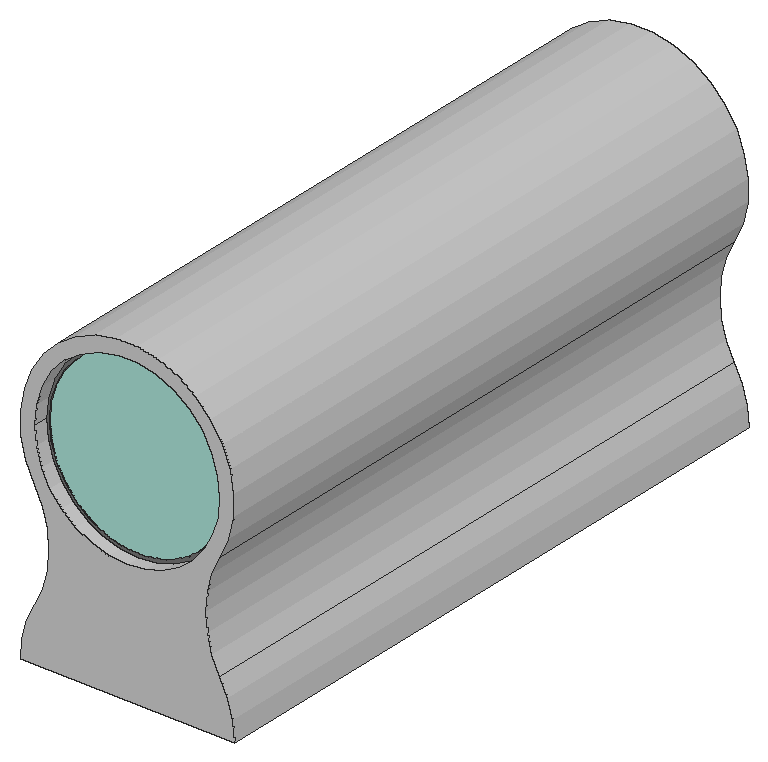
Revit family "Intono 1.2", category Lighting Fixtures, host Face, Revit 2017
Family settings
  Host = Face
  Round Connector Dimension = Use Diameter
  Part Type = Normal
  Cut with Voids When Loaded = Yes
  Light Source = Yes
  Shared = No
  Room Calculation Point = Yes
Parameters (values of type "Intono 1.2 LL 33° (3000K 6W 24Vdc)")
  Wiring = "parallel"
  Width mm = 46 mm
  Weight kg = "0.17 kg"
  Wattage = 0.989619 W
  built-in parameter 1150110 = 1 (stored number, unit not read)
  Voltage = 24 V
  URL Accessories and power supply units = "https://www.lucelight.it/en/prodotto.php/122300#a-scheda-accessori"
  URL = "https://www.lucelight.it/en/prodotto.php/122300"
  built-in parameter 1114217 = 1 (stored number, unit not read)
  Tiltable = "-"
  URL Technical sheet = "https://www.lucelight.it/media/prodotti/st/ST_INTONO_11-12.pdf"
  URL Image = "https://www.lucelight.it/media/prodotti/foto/intono_1.2_still.jpg"
  URL IES Photometric file = "https://www.lucelight.it/media/prodotti/fotometrie/intono_1.2_ies.zip"
  URL General code = "https://www.lucelight.it/en/prodotto.php/122300#a-generacodice"
  URL Description = "https://www.lucelight.it/en/capitolato.php/122300"
  URL DXF = "https://www.lucelight.it/media/prodotti/dxf/intono_1.2.dxf"
  URL Catalogue = "https://www.lucelight.it/media/prodotti/mf_brochure/intono_brochure_en.pdf"
  Tilt Angle = 180.00°
  built-in parameter 1150109 = 1 (stored number, unit not read)
  built-in parameter 1150134 = (empty or 0)
  built-in parameter 1150113 = 1 (stored number, unit not read)
  Screen = L&L_Black-serigraphed
  Power supply unit = "not included"
  Power supply = "24Vdc"
  Power cables = "-"
  Power = "6W"
  Photometric Web File = "INTONO 1.1 L 33° [3000K 3W 24Vdc].IES"
  Optics = "33°+33°"
  Notes = "version compatible with Google Home or Amazon Echo available on request for voice command control"
  No. and type of led = "2 power LEDs, 1/4 ANSI BIN, 50 000h L90 B10 (Ta 25°C)"
  Mounting = "surface mounted (wall)"
  Model = "Intono 1.2"
  Material = "body in die-cast aluminium, screen in black-serigraphed, tempered, transparent extra-clear glass"
  Manufacturer = "L&L Luce&Light"
  built-in parameter 1150105 = 399.33 (stored number, unit not read)
  Lumens = 147 lm
  built-in parameter 1150115 = 1 (stored number, unit not read)
  Lumen output at source = "168 lm (3000K, CRI 80) per beam, 147 lm (3000K, CRI 90) per beam"
  Light Source = Intono 1.1_Light Source : L 33°
  built-in parameter 1150137 = (empty or 0)
  built-in parameter 1150139 = (empty or 0)
  Lens = L&L_Tempered extra-clear glass
  Length mm = 30 mm
  built-in parameter 1150112 = 1 (stored number, unit not read)
  built-in parameter 1150114 = 1 (stored number, unit not read)
  LED Colour = "3000K (also available: 2700K and 4000K - ref. URL Technical sheet)"
  built-in parameter 1150132 = 2
  built-in parameter 1150102 = (empty or 0)
  built-in parameter 1150107 = 3000 (stored number, unit not read)
  built-in parameter 1150138 = (empty or 0)
  built-in parameter 1150106 = 3.9933 (stored number, unit not read)
  IP = "IP65"
  Height mm = 90 mm
  Features = "-"
  Energy efficiency class = "A A+ A++"
  Emit from Line Length = 609.6 mm
  built-in parameter 1150104 = 13.8 (stored number, unit not read)
  Dimming Lamp Color Temperature Shift = <None>
  Description = "Wall mounted for outdoor applications"
  Delivered lumen output = "146 lm (3000K, 22°, CRI 80) per beam, 128 lm (3000K, 22°, CRI 90) per beam"
  Default Elevation = 1219.2 mm
  Cutout dimensions = "-"
  Control system = "-"
  Contact = "T: +39 0444 360571; E: lucelight@lucelight.it"
  Company = "L&L Luce&Light"
  Color Filter = 16777215
  Code = "-"
  CRI = "90 (also available: CRI 80 - ref. URL Technical sheet)"
  Body = L&L_Die-cast aluminium
  built-in parameter 1114218 = 1 (stored number, unit not read)
  built-in parameter 1150133 = 10 (stored number, unit not read)
  Apparent Load Phase 1 = 6 W
  Apparent Load = 0 VA
Types (4, lengths in mm): name | Photometric Web File | Optics | Light Source
  Intono 1.2 LL 33° (3000K 6W 24Vdc) | "INTONO 1.1 L 33° [3000K 3W 24Vdc].IES" | "33°+33°" | Intono 1.1_Light Source : L 33°
  Intono 1.2 MM 22° (3000K 6W 24Vdc) | "INTONO 1.1 M 22° [3000K 3W 24Vdc].IES" | "22°+22°" | Intono 1.1_Light Source : M 22°
  Intono 1.2 SL 13°+33° (3000K 6W 24Vdc) | "INTONO 1.1 S 13° [3000K 3W 24Vdc].IES" | "13°+33°" | Intono 1.1_Light Source : L 33°
  Intono 1.2 SS 13° (3000K 6W 24Vdc) | "INTONO 1.1 S 13° [3000K 3W 24Vdc].IES" | "13°+13°" | Intono 1.1_Light Source : S 13°
Reference planes
  plane 1 "Center (Front/Back)": y = 0
  plane 2: z = 0
  plane 3 "Center (Left/Right)": x = 0
  plane 4: z = 30.8
Forms (mm)
  Extrusion 1, solid, material "L&L_Die-cast aluminium" <- "Body", detail levels coarse
    sketch origin (0, 45, 0.3) x (1, 0, 0) y (0, 0, 1)
      loop
        line (-15, 45.2) -> (-15, -0.3) -> (15, -0.3) -> (15, 45.2) -> (-15, 45.2)
    from 0 to 90
  Extrusion 2, solid, material "L&L_Die-cast aluminium" <- "Body", detail levels fine
    sketch origin (0, 45, 0.3) x (1, 0, 0) y (0, 0, 1)
      loop
        line (-15, 0.5) -> (15, 0.5)
        arc (15, 0.5) -> (14.489, 4.382) -> (12.99, 8) r 15
        arc (12.99, 8) -> (10.981, 15.5) -> (12.99, 23) r 15
        arc (12.99, 23) -> (0, 45.5) -> (-12.99, 23) r 15
        arc (-12.99, 23) -> (-10.981, 15.5) -> (-12.99, 8) r 15
        arc (-12.99, 8) -> (-14.489, 4.382) -> (-15, 0.5) r 15
    from 0 to 90
  Extrusion 3, void
    sketch origin (0, 0, 0.3) x (1, 0, 0) y (0, 0, 1)
      loop
        circle (0, 30.5) r 13
    from -52.954 to 55.002
  Extrusion 4, solid, material "L&L_Die-cast aluminium" <- "Body", detail levels medium
    sketch origin (0, 45, 0.3) x (1, 0, 0) y (0, 0, 1)
      loop
        line (-15, 0.5) -> (15, 0.5)
        arc (15, 0.5) -> (14.489, 4.382) -> (12.99, 8) r 15
        arc (12.99, 8) -> (10.981, 15.5) -> (12.99, 23) r 15
        arc (12.99, 23) -> (0, 45.5) -> (-12.99, 23) r 15
        arc (-12.99, 23) -> (-10.981, 15.5) -> (-12.99, 8) r 15
        arc (-12.99, 8) -> (-14.489, 4.382) -> (-15, 0.5) r 15
    from 0 to 90
  Extrusion 5, solid, detail levels medium+fine
    sketch origin (0, 0, 0) x (1, 0, 0) y (0, 1, 0)
      loop
        line (-12.5, 23) -> (-12.5, -23)
        arc (-12.5, -23) -> (0, -35.5) -> (12.5, -23) r 12.5
        line (12.5, -23) -> (12.5, 23)
        arc (12.5, 23) -> (0, 35.5) -> (-12.5, 23) r 12.5
    from 0 to 0.8
  Extrusion 6, solid, material "L&L_Tempered extra-clear glass" <- "Lens", detail levels fine
    sketch origin (0, 0, 0) x (1, 0, 0) y (0, 0, 1)
      loop
        circle (0, 30.8) r 12.5
    from -43 to -41.952
  Extrusion 7, solid, material "L&L_Tempered extra-clear glass" <- "Lens", detail levels fine
    sketch origin (0, 0, 0) x (1, 0, 0) y (0, 0, -1)
      loop
        circle (0, -30.8) r 12.5
    from -43 to -41.952
  Extrusion 8, solid, material "L&L_Black-serigraphed" <- "Screen", detail levels fine
    sketch origin (0, 0, 0) x (1, 0, 0) y (0, 0, 1)
      loop
        circle (0, 30.8) r 13
      loop
        circle (0, 30.8) r 12.5
    from -43 to -41.952
  Extrusion 9, solid, material "L&L_Black-serigraphed" <- "Screen", detail levels fine
    sketch origin (0, 0, 0) x (1, 0, 0) y (0, 0, -1)
      loop
        circle (0, -30.8) r 13
      loop
        circle (0, -30.8) r 12.5
    from -43 to -41.952
Cuts and joins
  Extrusion 3 cuts Extrusion 2
Dimensions and locks
  aligned and locked: plane 2 to host face
  aligned and locked: level to host face
Nested families
  nested 1: "Intono 1.1_Light Source" at (0, -45, 30.8) x (1, 0, 0) z (0, -1, 0), type <- "Light Source", type "L 33°"
Connectors
  electrical at (0, 0, 0), driven by "Apparent Load Phase 1", driven by "Voltage"
    settings: index 1, voltage 24 V, apparent load 0 VA, apparent load phase1 6 VA, apparent load phase2 0 VA, apparent load phase3 0 VA, power factor 1, load classification "Lighting", number of poles 1, system type 31, power factor state 1, is connector primary yes, connector utility no, sub classification motor no, connector description ""
Definition of nested family "Intono 1.1_Light Source"
  Parameters (values of type "L 33°")
    Wattage = 0.989619 W
    built-in parameter 1150110 = 1 (stored number, unit not read)
    built-in parameter 1114217 = 1 (stored number, unit not read)
    Tilt Angle = 90.00°
    built-in parameter 1150109 = 1 (stored number, unit not read)
    built-in parameter 1150134 = (empty or 0)
    built-in parameter 1150113 = 1 (stored number, unit not read)
    Photometric Web File = "INTONO 1.1 L 33° [3000K 3W 24Vdc].IES"
    Lumens = 147 lm
    built-in parameter 1150115 = 1 (stored number, unit not read)
    built-in parameter 1150105 = 11.698 (stored number, unit not read)
    built-in parameter 1150137 = (empty or 0)
    built-in parameter 1150139 = (empty or 0)
    built-in parameter 1150112 = 1 (stored number, unit not read)
    built-in parameter 1150114 = 1 (stored number, unit not read)
    built-in parameter 1150132 = 2
    built-in parameter 1150102 = (empty or 0)
    built-in parameter 1150138 = (empty or 0)
    built-in parameter 1150107 = 3000 (stored number, unit not read)
    built-in parameter 1150106 = 0.11698 (stored number, unit not read)
    built-in parameter 1150104 = 13.8 (stored number, unit not read)
    Dimming Lamp Color Temperature Shift = (empty or 0)
    Default Elevation = 1219.2 mm
    Color Filter = 16777215
    built-in parameter 1114218 = 1 (stored number, unit not read)
    built-in parameter 1150133 = 10 (stored number, unit not read)
  Types (3, lengths in mm): name | Photometric Web File
    L 33° | "INTONO 1.1 L 33° [3000K 3W 24Vdc].IES"
    M 22° | "INTONO 1.1 M 22° [3000K 3W 24Vdc].IES"
    S 13° | "INTONO 1.1 S 13° [3000K 3W 24Vdc].IES"
  Reference planes
    plane 1 "Light Source Axis (F/B)": y = 0
    plane 2: z = 0
    plane 3 "Light Source Axis (L/R)": x = 0
    plane 4 "Light Source Elevation": z = 0
  Dimensions and locks
    aligned and locked: plane 3 "Light Source Axis (L/R)" to imposter light
    aligned and locked: plane 1 "Light Source Axis (F/B)" to imposter light
    aligned and locked: plane 4 "Light Source Elevation" to imposter light
    aligned and locked: level to plane 2
